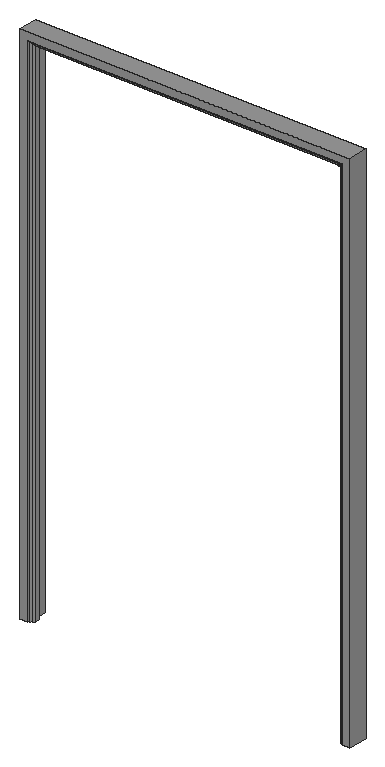
Revit family "DF1230E (1306x2090mm)", category Doors, host Wall, Revit 2013
Parameters (values of type "DF1230E (1306x2090mm)")
  Function = Interior
  Frame Projection Ext. = 25 mm
  Frame Projection Int. = 25 mm
  Frame Width = 75 mm
  Height = 2090 mm
  Wall Closure = By host
  Width = 1306 mm
Reference planes
  plane 1: y = 0
  plane 2 "Center (Left/Right)": x = 0
  plane 3 "Left": x = -653
  plane 4 "Right": x = 653
  plane 5: z = 2090
  plane 6 "Exterior": y = 75
  plane 7 "Interior": y = -75
Forms (mm)
  Sweep 1, solid, material "Lauan, Meranti"
    path origin (0, 75, 0) x (1, 0, 0) y (0, 0, 1)
      loop
        line (653, 0) -> (653, 2090) -> (-653, 2090) -> (-653, 0)
    profile "Van Acht 75x50 Door Frame Routed Profile (Econo) : Van Acht 75x50 Door Frame Routed Profile (Econo)" origin (653, 75, 1045) x (-1, 0, 0) y (0, -1, 0)
      loop
        line (0, 37.5) -> (38, 37.5) -> (38, 82.5) -> (50, 82.5) -> (50, 97.5)
        arc (50, 97.5) -> (44.957, 99.29) -> (42.17, 103.859) r 8
        line (42.17, 103.859) -> (39, 103.859)
        arc (39, 103.859) -> (35.311, 107.973) -> (30, 109.5) r 10
        line (30, 109.5) -> (30, 112.5) -> (0, 112.5) -> (0, 37.5)
Lines and regions (mm)
  Opening 1
    outline origin (-3050, -75, 0) x (1, 0, 0) y (0, 0, 1)
      loop
        line (2397, 0) -> (3703, 0) -> (3703, 2090) -> (2397, 2090) -> (2397, 0)
  symbolic lines, style "Elevation Swing"
    curve 1: line (0, -75, 1045) -> (-653, -75, 2090)
    curve 2: line (0, -75, 1045) -> (-653, -75, 0)
    curve 3: line (0, -75, 1045) -> (653, -75, 2090)
    curve 4: line (0, -75, 1045) -> (653, -75, 0)
  model lines
    curve 5: line (-615, 37.5, 0) -> (-615, 647.5, 0)
    curve 6: arc (-615, 647.5, 0) -> (-180.129, 467.371, 0) -> (0, 32.5, 0) r 615
    curve 7: line (615, 37.5, 0) -> (615, 647.5, 0)
    curve 8: arc (615, 647.5, 0) -> (180.129, 467.371, 0) -> (0, 32.5, 0) r 615
Text (mm)
  text "Exterior" at (-2295.016, 1099.543, 0), in view "Ref. Level"
  text "Exterior" at (0, 1615.38, 3698.081), in view "Left"
  text "Exterior" at (0, 1036.032, 3874.932), in view "Right"
Dimensions and locks
  equal spacing: plane 3 "Left", plane 2 "Center (Left/Right)", plane 4 "Right"
  "Width": plane 3 "Left" to plane 4 "Right"
  "Height": plane 5 to host wall
  equal spacing: host wall, curve 2, plane 5
  host wall to plane 5 = 2090 mm
  locked: plane 6 "Exterior" to host wall at 0
  locked: plane 7 "Interior" to host wall
  aligned and locked: plane 3 "Left" to Opening 1 sketch curve
  aligned and locked: plane 5 to Opening 1 sketch curve  (x2)
  aligned and locked: Opening 1 sketch curve to plane 4 "Right"
  aligned and locked: Opening 1 sketch curve to level
  aligned and locked: plane 5 to curve 1
  aligned and locked: plane 3 "Left" to curve 2
  aligned and locked: plane 1 to host wall
  aligned and locked: plane 3 "Left" to curve 1
Automatic sketch dimensions
  plane 4 "Right" to Sweep 1 sketch curve = 0 mm
  Sweep 1 sketch curve to plane 5 = 0 mm
  plane 3 "Left" to Sweep 1 sketch curve = 0 mm
  Sweep 1 sketch curve to level = 0 mm  (x2)
  curve 2 to level = 0 mm
  plane 4 "Right" to curve 2 = 653 mm
  curve 4 to plane 2 "Center (Left/Right)" = 0 mm
  level to curve 4 = 1045 mm
  curve 4 to level = 0 mm
  plane 4 "Right" to curve 4 = 0 mm
  plane 4 "Right" to curve 3 = 0 mm
  curve 3 to plane 5 = 0 mm
  curve 5 to plane 3 "Left" = 38 mm
  host wall to curve 5 = 572.5 mm
  curve 8 to plane 2 "Center (Left/Right)" = 0 mm
  curve 6 to plane 2 "Center (Left/Right)" = 0 mm
  plane 4 "Right" to curve 7 = 38 mm
  host wall to curve 7 = 572.5 mm
  curve 8 to curve 7 = 5 mm
  curve 6 to curve 5 = 5 mm
